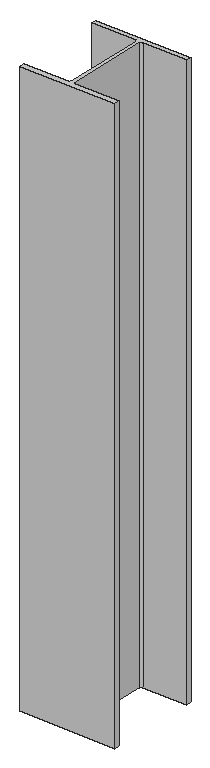
Revit family "c7257fb0bab240e0ac5bd37a1615cabd", category Structural Columns, Revit 2021
Family settings
  Section Shape = Not Defined
  Material for Model Behavior = Steel
  Always export as geometry = No
  Beam cutback in plan = From bounding box
  OmniClass Number = 23.25.30.11.14.11
  OmniClass Title = Columns
  Seek Item ID = WWF-Welded Wide Flange-Column-0000-USA-ENU
  Cut with Voids When Loaded = No
  Symbolic Representation = From Project Settings
  Shared = No
  Show family pre-cut in plan views = Yes
Parameters (values of type "WWF18x152")
  W = 152
  Structural Material [instance] = Steel ASTM A992
  Assembly Code = "B10"
  bf = 1' - 5 23/32"
  d = 1' - 5 23/32"
  k = 0' - 0 11/16"
  kr = k - (tw / 2)  # 0' - 0.37305"
  tf = 0' - 0 63/64"
  tw = 0' - 0 161/256"
  A = 44.64 in²
Types (2): name | W | bf | d | k | kr | tf | A
  WWF18x152 | 152 | 1' - 5 23/32" | 1' - 5 23/32" | 0' - 0 11/16" | 0' - 0.37305" | 0' - 0 63/64" | 44.64 in²
  WWF14x128 | 128 | 1' - 1 25/32" | 1' - 1 25/32" | 0' - 0 13/16" | 0' - 0.49805" | 0' - 1 13/128" | 37.44 in²
Reference planes (in)
  plane 1: y = 0
  plane 2: z = 0
  plane 3: x = 0
  plane 4: x = -8.85938
  plane 5: x = 8.85937
  plane 6: y = 8.85938
  plane 7: y = -8.85938
  plane 8: x = -0.15625
  plane 9: x = 0.15625
Forms (in)
  Extrusion 1, solid, material "Steel ASTM A992" <- "Structural Material", detail levels medium
    sketch origin (0, 0, 0) x (1, 0, 0) y (0, 1, 0)
      loop
        line (-8.85938, 8.85938) -> (-8.85938, 7.875) -> (-0.31445, 7.875) -> (-0.31445, -7.875) -> (-8.85938, -7.875) -> (-8.85938, -8.85938) -> (8.85937, -8.85938) -> (8.85937, -7.875) -> (0.31445, -7.875) -> (0.31445, 7.875) -> (8.85937, 7.875) -> (8.85937, 8.85938) -> (-8.85938, 8.85938)
    from 0 to 108
  Extrusion 2, solid, material "Steel ASTM A992" <- "Structural Material", detail levels fine
    sketch origin (0, 0, 0) x (1, 0, 0) y (0, 1, 0)
      loop
        line (-8.85938, 8.85938) -> (-8.85938, 7.875) -> (-0.6875, 7.875)
        arc (-0.6875, 7.875) -> (-0.42372, 7.76574) -> (-0.31445, 7.50195) r 0.37305
        line (-0.31445, 7.50195) -> (-0.31445, -7.50195)
        arc (-0.31445, -7.50195) -> (-0.42372, -7.76574) -> (-0.6875, -7.875) r 0.37305
        line (-0.6875, -7.875) -> (-8.85938, -7.875) -> (-8.85938, -8.85938) -> (8.85938, -8.85938) -> (8.85938, -7.875) -> (0.6875, -7.875)
        arc (0.6875, -7.875) -> (0.42372, -7.76574) -> (0.31445, -7.50195) r 0.37305
        line (0.31445, -7.50195) -> (0.31445, 7.50195)
        arc (0.31445, 7.50195) -> (0.42372, 7.76574) -> (0.6875, 7.875) r 0.37305
        line (0.6875, 7.875) -> (8.85938, 7.875) -> (8.85938, 8.85938) -> (-8.85938, 8.85938)
    from 0 to 108
Lines and regions (in)
  symbolic lines, style "StructuralColumnStickSymbols", detail levels coarse
    curve 1: line (-8.85937, 8.85938, 0) -> (8.85938, 8.85938, 0)
    curve 2: line (-8.85937, -8.85937, 0) -> (8.85938, -8.85937, 0)
    curve 3: line (0, 8.85938, 0) -> (0, -8.85937, 0)
  symbolic lines, style "Hidden Faces", detail levels medium+fine
    curve 4: line (-0.15625, 0, 0) -> (-0.15625, 0, 108)
    curve 5: line (0.15625, 0, 108) -> (0.15625, 0, 0)
Dimensions and locks (in)
  equal spacing: plane 4, plane 3, plane 5
  equal spacing: plane 7, plane 1, plane 6
  "d": plane 7 to plane 6
  "bf": plane 4 to plane 5
  "tf": plane 7 to Extrusion 1 sketch curve
  "tf": Extrusion 1 sketch curve to plane 6
  equal spacing: Extrusion 1 sketch curve, plane 3, Extrusion 1 sketch curve
  "tw": Extrusion 1 sketch curve to Extrusion 1 sketch curve
  "kr": radius of Extrusion 2 sketch curve  (x4)
  aligned and locked: plane 6 to Extrusion 1 sketch curve
  aligned and locked: Extrusion 1 sketch curve to plane 7
  aligned and locked: Extrusion 1 sketch curve to plane 4  (x2)
  aligned and locked: plane 5 to Extrusion 1 sketch curve  (x2)
  aligned and locked: Extrusion 1 sketch curve to Extrusion 1 sketch curve  (x2)
  aligned and locked: level to Extrusion 1
  aligned and locked: level to plane 2
  aligned and locked: Extrusion 1 to plane 2
  aligned and locked: plane 6 to Extrusion 2 sketch curve
  aligned and locked: plane 5 to Extrusion 2 sketch curve  (x2)
  aligned and locked: Extrusion 2 sketch curve to plane 4  (x2)
  aligned and locked: Extrusion 2 sketch curve to Extrusion 1  (x6)
  aligned and locked: Extrusion 2 sketch curve to plane 7
  aligned and locked: level to Extrusion 2
  aligned and locked: Extrusion 2 to level
Automatic sketch dimensions
  curve 2 to plane 4 = 0' - 0"
  curve 1 to plane 4 = 0' - 0"
  curve 3 to plane 3 = 0' - 0"
  curve 2 to plane 5 = 0' - 0"
  curve 1 to plane 5 = 0' - 0"
  curve 3 to plane 7 = 0' - 0"
  curve 3 to plane 6 = 0' - 0"
  curve 4 to level = 0' - 0"  (x2)
  curve 4 to plane 8 = 0' - 0"
  curve 5 to level = 0' - 0"  (x2)
  curve 5 to plane 9 = 0' - 0"
